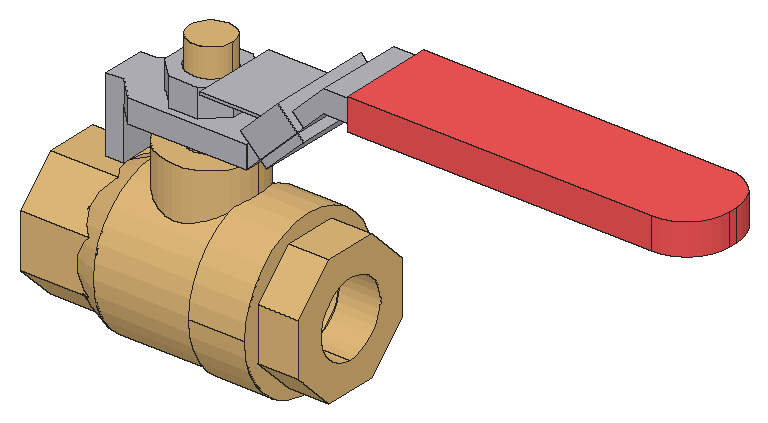
Revit family "420LL-Ball-Valve", category Pipe Accessories, Revit 2018
Family settings
  Round Connector Dimension = Use Diameter
  Part Type = Valve - Breaks Into
  OmniClass Number = 23.60.30.11.14
  OmniClass Title = Pipework Fittings
  Work Plane-Based = No
  Always vertical = Yes
  Cut with Voids When Loaded = No
  Shared = No
Parameters
  Weight [instance] = size_lookup(LookupTable, "Weight", "NA", Nominal Diameter)  # "0.3 lbs."
  URL = "http://fnw.com"
  Standards Lookup Table = "Standards"  # constant formula
  Product ID Handle [instance] = size_lookup(LookupTable, "ProductIDHandle", "NA", Nominal Diameter)  # "2170895"
  Product ID [instance] = size_lookup(LookupTable, "ProductID", "NA", Nominal Diameter)  # "2399966"
  Pipe Diameter [instance] = size_lookup(Standards Lookup Table, "pipe_dia", 0", Nominal Diameter)  # 0.54"
  Pin [instance] = ([1_Z2] + (Z3 * 2))  # 0.57065"
  Piipe Radius [instance] = Pipe Diameter / 2  # 0.27"
  Part Number Handle [instance] = size_lookup(LookupTable, "PartNumberHandle", "NA", Nominal Diameter)  # "FNW420LHKBD"
  Part Number [instance] = size_lookup(LookupTable, "PartNumber", "NA", Nominal Diameter)  # "FNW420LLB"
  NPT Insert [instance] = size_lookup(Standards Lookup Table, "NPT_insert", 0", Nominal Diameter)  # 0.4018"
  Manufacturer = "FNW"  # constant formula
  Description BOM Handle [instance] = size_lookup(LookupTable, "Description_BOMHandle", "NA", Nominal Diameter)  # "1/4 - 1/2 Locking Handle Kit 420/421 BV"
  Description BOM [instance] = size_lookup(LookupTable, "Description_BOM", "NA", Nominal Diameter)  # "Not For Potable Use 1/4 Brass 600# Threaded BV Handle"
  1_Z2 [instance] = size_lookup(LookupTable, "1_Z2", 0", Nominal Diameter)  # 0.1644"
  1_Z1 [instance] = size_lookup(LookupTable, "1_Z1", 0", Nominal Diameter)  # 0.5606"
  Z3 [instance] = size_lookup(LookupTable, "Z3", 0", Nominal Diameter)  # 13/64"
  Z2 [instance] = size_lookup(LookupTable, "Z2", 0", Nominal Diameter)  # 0.925"
  Z1 [instance] = size_lookup(LookupTable, "Z1", 0", Nominal Diameter)  # 0.8"
  1_Y1 [instance] = size_lookup(LookupTable, "1_Y1", 0", Nominal Diameter)  # 5/8"
  1_X6 [instance] = size_lookup(LookupTable, "1_X6", 0", Nominal Diameter)  # 3/8"
  1_X5 [instance] = size_lookup(LookupTable, "1_X5", 0", Nominal Diameter)  # 3/8"
  1_X4 [instance] = size_lookup(LookupTable, "1_X4", 0", Nominal Diameter)  # 0.5094"
  1_X1 [instance] = size_lookup(LookupTable, "1_X1", 0", Nominal Diameter)  # 1.0188"
  1_X3 [instance] = size_lookup(LookupTable, "1_X3", 0", Nominal Diameter)  # 3.78"
  X7 [instance] = size_lookup(LookupTable, "X7", 0", Nominal Diameter)  # 1.01"
  X6 [instance] = size_lookup(LookupTable, "X6", 0", Nominal Diameter)  # 0"
  X5 [instance] = size_lookup(LookupTable, "X5", 0", Nominal Diameter)  # 0.30135"
  X4 [instance] = size_lookup(LookupTable, "X4", 0", Nominal Diameter)  # 0.404"
  X3 [instance] = size_lookup(LookupTable, "X3", 0", Nominal Diameter)  # 0.71085"
  X2 [instance] = size_lookup(LookupTable, "X2", 0", Nominal Diameter)  # 0.202"
  1_X2 [instance] = size_lookup(LookupTable, "1_X2", 0", Nominal Diameter)  # 0.5606"
  X1 [instance] = size_lookup(LookupTable, "X1", 0", Nominal Diameter)  # 0.4018"
  Show Lever Clearance [instance] = no
  R3 [instance] = size_lookup(LookupTable, "R3", 0", Nominal Diameter)  # 0.58125"
  R2 [instance] = size_lookup(LookupTable, "R2", 0", Nominal Diameter)  # 0.558"
  R1_Diam [instance] = R1 * 2  # 0.93"
  R1 [instance] = size_lookup(LookupTable, "R1", 0", Nominal Diameter)  # 0.465"
  Nominal Radius [instance] = Nominal Diameter / 2  # 1/8"
  Nominal Diameter [instance] = 1/4"
  LookupTable = "420LL-Ball-Valve"  # constant formula
  HexAngle1 [instance] = 135.00°
  D3 [instance] = size_lookup(LookupTable, "D3", 0", Nominal Diameter)  # 1/2"
  D2 [instance] = size_lookup(LookupTable, "D2", 0", Nominal Diameter)  # 5/16"
  D1 [instance] = size_lookup(LookupTable, "D1", 0", Nominal Diameter)  # 0.69"
Reference planes (in)
  plane 1 "Center (Front/Back)": y = 0
  plane 2: z = 0
  plane 3 "Center (Left/Right)": x = 0
  plane 4 "X7 End": x = -1.01
  plane 5 "D1 Top": z = 0.8
  plane 6 "D2 Top": z = 0.925
  plane 7: x = -0.6082
  plane 8: x = -0.4062
  plane 9: x = 0.30465
  plane 10 "Face EXT": x = 0.70865
  plane 11: x = 1.01
  plane 12 "R3 Top": z = 0.58125
  plane 13 "R2 Top": z = 0.558
  plane 14 "R1 Top": z = 0.465
  plane 15: x = -1.01
  plane 16 "Pipe radius": z = 0.27
  plane 17 "NPT": x = -0.6082
  plane 18 "NPT 2": x = 0.6082
  plane 19: z = 1.49565
Forms (in)
  Extrusion 1, solid, material "Brass"
    sketch origin (0, 0, 0) x (1, 0, 0) y (0, 1, 0)
      loop
        circle (0, 0) r 0.15625
    from 0.8 to 1.49565
  Revolve 2, solid, material "Brass"
    sketch origin (0, 0, 0) x (1, 0, 0) y (0, 0, 1)
      loop
        line (-0.6082, 0.465) -> (-0.6082, 0.27) -> (0.30465, 0.27) -> (0.30465, 0.558) -> (-0.4062, 0.558) -> (-0.6082, 0.465)
      axis (0.30465, 0) -> (-0.6082, 0)
    angle from 0 to 360
  Sweep 3, solid, material "Brass"
    path origin (0, 0, 0) x (1, 0, 0) y (0, 0, 1)
      loop
        line (-1.01, 0) -> (1.01, 0)
    profile origin (0, 0, 0) x (0, 0, 1) y (0, -1, 0)
      loop
        circle (0, 0) r 0.27
      loop
        line (0.19261, 0.465) -> (-0.19261, 0.465) -> (-0.465, 0.19261) -> (-0.465, -0.19261) -> (-0.19261, -0.465) -> (0.19261, -0.465) -> (0.465, -0.19261) -> (0.465, 0.19261) -> (0.19261, 0.465)
  Extrusion 4, solid, material "Brass"
    sketch origin (0, 0, 0) x (0, 1, 0) y (0, 0, 1)
      loop
        circle (0, 0) r 0.58125
      loop
        circle (0, 0) r 0.27
    from 0.30465 to 0.70865
  Extrusion 5, solid, material "Brass"
    sketch origin (0, 0, 0.27) x (-1, 0, 0) y (0, -1, 0)
      loop
        circle (0, 0) r 0.345
    from 0 to 0.53
  Extrusion 6, solid, material "Brass", not visible
    sketch origin (-0.6082, 0, 0) x (0, 0, 1) y (0, -1, 0)
      loop
        circle (0, 0) r 0.125
    from 0 to 1.2164
Dimensions and locks (in)
  "X7": plane 4 "X7 End" to plane 3 "Center (Left/Right)"
  "Z1": plane 5 "D1 Top" to plane 2
  "Z2": plane 6 "D2 Top" to plane 2
  "X1": plane 4 "X7 End" to plane 7
  "X2": plane 8 to plane 7
  "X3": plane 9 to plane 8
  "X4": plane 10 "Face EXT" to plane 9
  "X5": plane 11 to plane 10 "Face EXT"
  "R3": plane 12 "R3 Top" to plane 2
  "R2": plane 13 "R2 Top" to plane 2
  "R1": plane 14 "R1 Top" to plane 2
  "Piipe Radius": Revolve 2 sketch curve to plane 2
  "X6": plane 4 "X7 End" to plane 15
  equal spacing: Sweep 3 sketch curve, plane 1 "Center (Front/Back)", Sweep 3 sketch curve  (x4)
  "R1_Diam": Sweep 3 sketch curve to Sweep 3 sketch curve  (x4)
  Sweep 3 to Sweep 3 = 0.93"  (x5)
  "R1_Diam": Sweep 3 to Sweep 3  (x4)
  "Piipe Radius": plane 16 "Pipe radius" to plane 2
  "NPT Insert": plane 4 "X7 End" to plane 17 "NPT"
  "NPT Insert": plane 11 to plane 18 "NPT 2"
  "Pin": plane 19 to plane 6 "D2 Top"
  "D2": diameter of Extrusion 1 sketch curve
  "R3": radius of Extrusion 4 sketch curve
  "Piipe Radius": radius of Extrusion 4 sketch curve
  "Piipe Radius": radius of Sweep 3 sketch curve
  radius of Sweep 3 sketch curve = 0.27"
  "D1": diameter of Extrusion 5 sketch curve
  "Nominal Radius": radius of Extrusion 6 sketch curve
  angle Sweep 3 sketch curve to Sweep 3 sketch curve = 135.00°  (x6)
  angle Sweep 3 to Sweep 3 = 135.00°  (x6)
  aligned and locked: plane 2 to level
  aligned and locked: Extrusion 1 to plane 5 "D1 Top"
  aligned and locked: Revolve 2 sketch curve to plane 13 "R2 Top"
  aligned and locked: plane 7 to Revolve 2 sketch curve
  aligned and locked: Extrusion 4 to plane 9
  aligned and locked: plane 10 "Face EXT" to Extrusion 4
  aligned and locked: Sweep 3 sketch curve to level
  aligned and locked: plane 5 "D1 Top" to Extrusion 5
  aligned and locked: plane 18 "NPT 2" to Extrusion 6
  aligned and locked: plane 19 to Extrusion 1
Automatic sketch dimensions
  plane 4 "X7 End" to Sweep 3 sketch curve = 0"
  Sweep 3 sketch curve to plane 11 = 0"
  plane 1 "Center (Front/Back)" to Extrusion 1 sketch curve = 0"
  Extrusion 1 sketch curve to plane 3 "Center (Left/Right)" = 0"
  Revolve 2 sketch curve to level = 0"
  Revolve 2 sketch curve to plane 8 = 0"
  Revolve 2 sketch curve to plane 9 = 0"
  Revolve 2 sketch curve to plane 14 "R1 Top" = 0"
  plane 4 "X7 End" to Revolve 2 sketch curve = 1.81248"
  plane 11 to Revolve 2 sketch curve = 4.72422"
  Sweep 3 sketch curve to plane 1 "Center (Front/Back)" = 0"
  profile plane to Sweep 3 sketch curve = 0"
  Extrusion 4 sketch curve to Extrusion 4 sketch curve = 0"  (x2)
  Extrusion 4 sketch curve to level = 0"
  Extrusion 4 sketch curve to plane 1 "Center (Front/Back)" = 0"
  plane 1 "Center (Front/Back)" to Extrusion 5 sketch curve = 0"
  Extrusion 5 sketch curve to plane 3 "Center (Left/Right)" = 0"
  Extrusion 6 sketch curve to level = 0"
  Extrusion 6 sketch curve to plane 1 "Center (Front/Back)" = 0"
Nested families (in)
  nested 1: "Nested Lever Lock Red" at (0, 0, 0.925), D3 <- "D3", Z6 <- "Z3", 1_X1 <- "1_X1", 1_X2 <- "1_X2", 1_X3 <- "1_X3", 1_X4 <- "1_X4", 1_Y1 <- "1_Y1", 1_Z1 <- "1_Z1", 1_Z2 <- "1_Z2", Show Lever Clearance <- "Show Lever Clearance", 1_X5 <- "1_X5", 1_X6 <- "1_X6", Description BOM <- "Description BOM Handle", Part Number <- "Part Number Handle", Product ID <- "Product ID Handle", type "Nested Lever Lock Red"
    with Z6 13/64", Z1_Z2 0.3625", Void_Outer_Radius 3/8", Void_Outer 3/4", Tab_Width 3/8", Tab_Height_Center 0.2803", Show Lever Clearance no, Product ID "2170895", Part Number "FNW420LHKBD", Lock_Tab_Width 7/8", Hypotenuse_Tab_Center 0.3964", Grip_L3 0.2269", Grip_L2 0.19565", Grip_L1 1/32", Description BOM "1/4 - 1/2 Locking Handle Kit 420/421 BV", D3_Half 0.16667", D3 1/2", Clearance Hieght 6", Angle Hex Head 135.00°, Ang_Constraint 39.81°, 1_Z2_Half 0.0822", 1_Z2 0.1644", 1_Z1_Quarter 0.22235", 1_Z1 0.5606", 1_Y1_Half 5/16", 1_Y1 5/8", 1_X6_Half 3/8", 1_X6 3/8", 1_X5 3/8", 1_X4 0.5094", 1_X3_and_1__Y1_Half 4.0925", 1_X3 3.78", 1_X2_Quarter 0.14015", 1_X2_Half 0.2803", 1_X2 0.5606", 1_X1 1.0188", 0Grip 2 1/8"
Connectors (in)
  piping at (-0.6082, 0, 0), diameter 0.25, driven by "Nominal Diameter"
    settings: on Extrusion 6, index 1, connector inside diameter 24", connector length 0", flow factor 0, pipe flow 0 GPM, pressure drop 0.00 psi, fitting loss kfactor 0, connector angle 0.00°, fixture units 0, engagement length 0", angle of deflection 0.00°, flow configuration 0, flow direction 0, fitting loss method 0, system type 7, joint type 0, gender type 0, connector reference index 2, connector utility 0, adjustable connector no, is connector primary yes, connector description ""
  piping at (0.6082, 0, 0), diameter 0.25, driven by "Nominal Diameter"
    settings: on Extrusion 6, index 2, connector inside diameter 24", connector length 0", flow factor 0, pipe flow 0 GPM, pressure drop 0.00 psi, fitting loss kfactor 0, connector angle 0.00°, fixture units 0, engagement length 0", angle of deflection 0.00°, flow configuration 0, flow direction 0, fitting loss method 0, system type 7, joint type 0, gender type 0, connector reference index 1, connector utility 0, adjustable connector no, is connector primary no, connector description ""
Definition of nested family "Nested Lever Lock Red"
  Parameters (values of type "Nested Lever Lock Yellow")
    Z6 [instance] = 1/8"
    Z1_Z2 [instance] = ([1_Z1] + [1_Z2]) / 2  # 11/16"
    Tab_Width [instance] = [1_Y1_Half] + (Grip_L1 * 2)  # 1 1/16"
    Tab_Height_Center [instance] = [1_Z1] / 2  # 5/8"
    Product ID [instance] = ""
    Part Number [instance] = ""
    Lock_Tab_Width [instance] = [1_Y1] + 1/4"  # 2 1/4"
    Hypotenuse_Tab_Center [instance] = sqrt(Tab_Height_Center ^ 2 + [1_X2_Half] ^ 2)  # 0.97628"
    Description BOM [instance] = ""
    Angle 2 = 45.00°
    Ang_Constraint [instance] = 39.81°  # constant formula
    1_Z2 [instance] = 1/8"
    1_Z1_Quarter [instance] = [1_Z1] / 4 + ([1_Z2_Half])  # 3/8"
    1_Z1 [instance] = 1 1/4"
    1_Y1_Half [instance] = [1_Y1] / 2  # 1"
    1_Y1 [instance] = 2"
    1_X6_Half [instance] = [1_X6]  # 1"
    1_X6 [instance] = 1"
    1_X5 [instance] = 1 1/8"
    1_X2_Quarter [instance] = [1_X2] / 4  # 3/8"
    1_X2_Half [instance] = [1_X2] / 2  # 3/4"
    1_X1 [instance] = 2 1/2"
    1_X3_and_1__Y1_Half [instance] = [1_X3] + [1_Y1_Half]  # 13.66198"
    1_X3 [instance] = 12.66198"
    1_X2 [instance] = 1 1/2"
    Void_Outer_Radius [instance] = Void_Outer / 2  # 1 1/16"
    Void_Outer [instance] = [1_Y1] + Grip_L1 * 4  # 2 1/8"
    Show Lever Clearance [instance] = yes
    Grip_L3 [instance] = Grip_L1 + Grip_L2  # 3/16"
    Grip_L1 [instance] = 1/32"  # constant formula
    Grip_L2 [instance] = [1_Z2] + Grip_L1  # 5/32"
    Default Elevation = 48"
    D3_Half [instance] = D3 / 3  # 0.23251"
    D3 [instance] = 0.69752"
    Clearance Hieght [instance] = 6"  # constant formula
    Angle Hex Head [instance] = 135.00°
    1_X4 [instance] = 1"
    1_Z2_Half [instance] = [1_Z2] / 2  # 1/16"
    0Grip [instance] = 2 1/8"  # constant formula
  Reference planes (in)
    plane 1 "Center (Front/Back)": y = 0
    plane 2: z = 0
    plane 3 "Center (Left/Right)": x = 0
    plane 4: z = 0.125
    plane 5: x = -1
    plane 6: x = 12.66198
    plane 7: y = 1
    plane 8: y = -1
    plane 9: x = 1.5
    plane 10: x = 3
    plane 11: z = 1.375
    plane 12: z = 1.25
    plane 13: z = 0.25
    plane 14: z = 1.40625
    plane 15: z = 1.21875
    plane 16: x = 3.15625
    plane 17: y = 1.03125
    plane 18: y = -1.03125
    plane 19: z = -1.125
    plane 20: y = 0.5
    plane 21: y = -0.5
    plane 22: x = -1.125
    plane 23: x = 2.25
    plane 24: z = 0.5
    plane 25: x = 1.875
    plane 26: x = 0.23251
  Forms (in)
    Extrusion 1, solid
      sketch origin (0, 0, 0) x (1, 0, 0) y (0, 1, 0)
        loop
          line (-48, 48) -> (-48, -48) -> (48, -48) -> (48, 48) -> (-48, 48)
      from 0 to -12
    Extrusion 2, solid
      sketch origin (0, 0, 0) x (1, 0, 0) y (0, 0, 1)
        loop
          line (1.5, 0.125) -> (1.5, 0) -> (3, 1.25) -> (4.15625, 1.25) -> (4.15625, 1.375) -> (3, 1.375) -> (1.5, 0.125)
      from -1 to 1
    Extrusion 3, solid
      sketch origin (0, 0, 0) x (1, 0, 0) y (0, 1, 0)
        loop
          line (0.34876, 0.14446) -> (0.14446, 0.34876) -> (-0.14446, 0.34876) -> (-0.34876, 0.14446) -> (-0.34876, -0.14446) -> (-0.14446, -0.34876) -> (0.14446, -0.34876) -> (0.34876, -0.14446) -> (0.34876, 0.14446)
        loop
          circle (0, 0) r 0.23251
      from 0.125 to 0.25
    Extrusion 4, solid
      sketch origin (0, 0, 0) x (1, 0, 0) y (0, 1, 0)
        loop
          line (11.66198, 1.03125) -> (3.15625, 1.03125) -> (3.15625, -1.03125) -> (11.66198, -1.03125)
          arc (11.66198, -1.03125) -> (12.36908, -0.73836) -> (12.66198, -0.03125) r 1
          line (12.66198, -0.03125) -> (12.66198, 0.03125)
          arc (12.66198, 0.03125) -> (12.36908, 0.73836) -> (11.66198, 1.03125) r 1
      from 1.21875 to 1.40625
    Extrusion 5, solid, visible <- "Show Lever Clearance"
      sketch origin (0, 0, 0) x (1, 0, 0) y (0, 1, 0)
        loop
          line (-1, 1) -> (-1, -12.66198)
          arc (-1, -12.66198) -> (8.66048, -8.66048) -> (12.66198, 1) r 13.66198
          line (12.66198, 1) -> (-1, 1)
      from 0 to 6 <- "Clearance Hieght"
    Extrusion 6, solid
      sketch origin (0, 0, 0) x (1, 0, 0) y (0, 1, 0)
        loop
          line (1.5, -1) -> (1.5, 1) -> (-0.5, 1) -> (-1, 0.5) -> (-1, -0.5) -> (-0.5, -1) -> (1.5, -1)
      from 0 to 0.125
    Extrusion 7, solid
      sketch origin (0, 0, 0) x (1, 0, 0) y (0, 1, 0)
        loop
          line (-1.125, 0.5) -> (-1.125, -0.5) -> (-1, -0.5) -> (-1, 0.5) -> (-1.125, 0.5)
      from -1.125 to 0.125
    Extrusion 8, solid
      sketch origin (0, 0, 0) x (1, 0, 0) y (0, 1, 0)
        loop
          line (0.23251, 1) -> (0.23251, -1) -> (1.875, -1) -> (1.875, 1) -> (0.23251, 1)
      from 0.25 to 0.5
  Cuts and joins
    joined: Extrusion 6, Extrusion 7
  Lines and regions (in)
    reference lines
      curve 1: line (0, 0, 3.39657) -> (0, 0, -1.625)
  Dimensions and locks (in)
    "1_Z2": plane 4 to plane 2
    "1_X4": plane 3 "Center (Left/Right)" to plane 5
    "1_X3": plane 6 to plane 3 "Center (Left/Right)"
    equal spacing: plane 7, plane 1 "Center (Front/Back)", plane 8
    "1_Y1": plane 7 to plane 8
    "1_X1": plane 9 to plane 5
    "1_X2": plane 10 to plane 9
    "1_Z1": plane 11 to plane 4
    "1_Z2": plane 11 to plane 12
    equal spacing: Extrusion 3 sketch curve, curve 1, Extrusion 3 sketch curve  (x4)
    "D3": Extrusion 3 sketch curve to Extrusion 3 sketch curve  (x4)
    "Z6": plane 13 to plane 4
    "Grip_L1": plane 14 to plane 11
    "Grip_L2": plane 11 to plane 15
    "Grip_L2": plane 16 to plane 10
    "Grip_L1": plane 8 to plane 18
    "Grip_L1": plane 17 to plane 7
    "1_Y1_Half": plane 16 to Extrusion 2
    "1_X3_and_1__Y1_Half": Extrusion 5 sketch curve to Extrusion 5 sketch curve  (x2)
    equal spacing: Extrusion 6 sketch curve, plane 1 "Center (Front/Back)", Extrusion 6 sketch curve
    "1_Y1_Half": Extrusion 6 sketch curve to Extrusion 6 sketch curve
    "1_X5": plane 2 to plane 19
    equal spacing: plane 21, plane 1 "Center (Front/Back)", plane 20
    "1_Y1_Half": plane 21 to plane 20
    "1_Z2": plane 5 to plane 22
    "1_X2_Half": plane 23 to plane 9
    "Hypotenuse_Tab_Center": nested 1 to Extrusion 2
    "1_X2_Quarter": plane 25 to plane 9
    "1_Z1_Quarter": plane 24 to plane 4
    "D3_Half": plane 26 to plane 3 "Center (Left/Right)"
    equal spacing: Extrusion 8 sketch curve, plane 1 "Center (Front/Back)", Extrusion 8 sketch curve
    "D3_Half": radius of Extrusion 3 sketch curve
    "1_Y1_Half": radius of Extrusion 4 sketch curve  (x2)
    "1_X3_and_1__Y1_Half": radius of Extrusion 5 sketch curve
    "Angle Hex Head": angle Extrusion 3 sketch curve to Extrusion 3 sketch curve  (x6)
    "Angle 2": angle plane 5 to Extrusion 6 sketch curve
    "Angle 2": angle Extrusion 6 sketch curve to plane 5
    aligned and locked: plane 2 to Extrusion 1
    aligned and locked: level to Extrusion 1
    aligned and locked: plane 10 to Extrusion 2 sketch curve
    aligned and locked: plane 12 to Extrusion 2 sketch curve
    aligned and locked: plane 11 to Extrusion 2 sketch curve
    aligned and locked: curve 1 to plane 3 "Center (Left/Right)"
    aligned and locked: plane 4 to Extrusion 3
    aligned and locked: Extrusion 3 to plane 13
    aligned and locked: Extrusion 4 sketch curve to plane 16
    aligned and locked: Extrusion 4 sketch curve to plane 18
    aligned and locked: plane 17 to Extrusion 4 sketch curve
    aligned and locked: Extrusion 4 to plane 15
    aligned and locked: Extrusion 4 to plane 14
    aligned and locked: Extrusion 2 to plane 8
    aligned and locked: plane 7 to Extrusion 2
    aligned and locked: Extrusion 2 sketch curve to plane 9
    aligned and locked: plane 9 to Extrusion 6 sketch curve
    aligned and locked: Extrusion 6 sketch curve to plane 5
    aligned and locked: Extrusion 6 to plane 4
    aligned and locked: Extrusion 7 sketch curve to plane 21
    aligned and locked: plane 20 to Extrusion 7 sketch curve
    aligned and locked: plane 19 to Extrusion 7
    aligned and locked: Extrusion 7 to plane 4
    aligned and locked: plane 1 "Center (Front/Back)" to nested 1
    aligned and locked: Extrusion 8 sketch curve to plane 7
    aligned and locked: Extrusion 8 to plane 24
    aligned and locked: plane 13 to Extrusion 8
    aligned and locked: Extrusion 8 to plane 26
    aligned and locked: plane 25 to Extrusion 8
  Automatic sketch dimensions
    Extrusion 1 sketch curve to Extrusion 1 sketch curve = 96"  (x2)
    Extrusion 7 sketch curve to plane 5 = 1/8"
    Extrusion 7 sketch curve to plane 5 = 0"
    plane 19 to curve 1 = 1/2"
    plane 14 to curve 1 = 1.99032"
    plane 26 to Extrusion 8 sketch curve = 0"
    plane 9 to Extrusion 8 sketch curve = 3/8"
    Extrusion 2 sketch curve to plane 10 = 0"
    Extrusion 2 sketch curve to level = 0"
    Extrusion 2 sketch curve to plane 4 = 0"
    plane 16 to Extrusion 2 sketch curve = 1"
    plane 1 "Center (Front/Back)" to Extrusion 3 sketch curve = 0"
    Extrusion 3 sketch curve to plane 3 "Center (Left/Right)" = 0"
    Extrusion 4 sketch curve to plane 6 = 0"
    Extrusion 5 sketch curve to plane 5 = 0"
    Extrusion 5 sketch curve to plane 7 = 0"
    Extrusion 6 sketch curve to plane 8 = 0"
    Extrusion 6 sketch curve to plane 7 = 0"
  Nested families (in)
    nested 1: "Nest _Lock_Tab" at (2.18852, 0, 0.69877) x (0.7682, 0, 0.6402) z (-0.6402, 0, 0.7682), Width <- "Tab_Width", Height <- "1_Z2_Half", 1_X6 <- "1_X6", type "Nest _Lock_Tab"
      with Width 1 1/16", Height 2 0.1375", Height 1/16", 1_X6 1"
  Definition of nested family "Nest _Lock_Tab"
    Parameters (values of type "Nest _Lock_Tab")
      Width [instance] = 1"
      Height 2 [instance] = Height * 2.2  # 0.55"
      Height [instance] = 1/4"
      Default Elevation = 48"
      1_X6 [instance] = 1"
    Reference planes (in)
      plane 1 "Center (Front/Back)": y = 0
      plane 2: z = 0
      plane 3 "Center (Left/Right)": x = 0
      plane 4: x = -0.5
      plane 5: x = 0.5
      plane 6: y = 1
      plane 7: y = -1
      plane 8: z = 0.25
      plane 9: z = -0.55
      plane 10 "lock": through (-0.76817, -180, 0.64024) normal (0.6402, 0, 0.7682)
    Forms (in)
      Extrusion 1, solid
        sketch origin (0, 0, 0) x (1, 0, 0) y (0, 1, 0)
          loop
            line (-48, 48) -> (-48, -48) -> (48, -48) -> (48, 48) -> (-48, 48)
        from 0 to -12
      Extrusion 2, solid
        sketch origin (0, 0, 0) x (1, 0, 0) y (0, 1, 0)
          loop
            line (-0.5, 1) -> (-0.5, -1) -> (0.5, -1) -> (0.5, 1) -> (-0.5, 1)
        from -0.55 to 0.25
    Lines and regions (in)
      reference lines
        curve 1: line (-1.89132, 0, 0) -> (2.85868, 0, 0)
        curve 2: line (0, 5.22872, 0) -> (0, -6.82287, 0)
        curve 3: line (0, 0, 0) -> (-0.76817, 0, 0.64024)
    Dimensions and locks (in)
      equal spacing: plane 4, plane 3 "Center (Left/Right)", plane 5
      "1_X6": plane 4 to plane 5
      equal spacing: plane 6, plane 1 "Center (Front/Back)", plane 7
      "Width": plane 6 to plane 1 "Center (Front/Back)" to plane 7
      "Height": plane 8 to plane 2
      "Height 2": plane 2 to plane 9
      angle curve 3 to curve 1 = 39.81°
      aligned and locked: plane 2 to Extrusion 1
      aligned and locked: level to Extrusion 1
      aligned and locked: plane 4 to Extrusion 2 sketch curve
      aligned and locked: Extrusion 2 sketch curve to plane 5
      aligned and locked: Extrusion 2 sketch curve to plane 6
      aligned and locked: Extrusion 2 sketch curve to plane 7
      aligned and locked: Extrusion 2 to plane 9
      aligned and locked: plane 8 to Extrusion 2
      aligned and locked: curve 1 to plane 2
      aligned and locked: curve 2 to plane 3 "Center (Left/Right)"
    Automatic sketch dimensions
      Extrusion 1 sketch curve to Extrusion 1 sketch curve = 96"  (x2)
      plane 7 to curve 2 = 5.82287"
      plane 6 to curve 2 = 4.22872"
      curve 3 to plane 3 "Center (Left/Right)" = 0"
      curve 1 to curve 3 = 1.12315"
